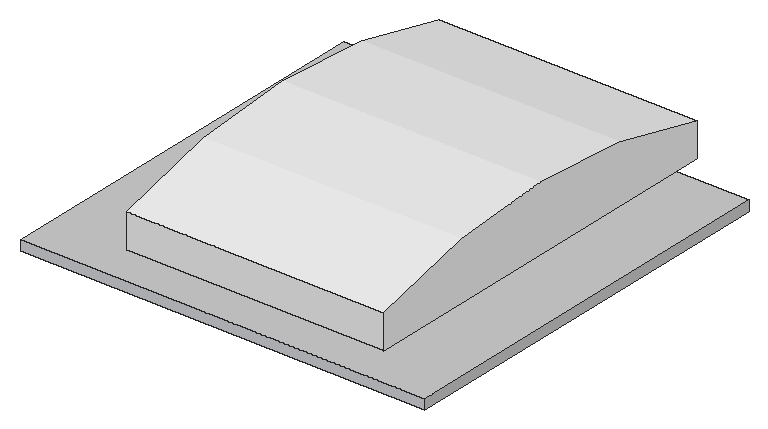
Revit family "PRESTO 1000 A Cromo Brillo", category Aparatos sanitarios, Revit 2015
Parameters (values of type "19500")
  URL = "http://www.prestoiberica.com/inodoro/temporizada-clasica/presto-1000?c=es"
  Teléfono = "(+34) 915 782 575"
  TIPO DE AGUA = ""
  REFERENCIA = "19500"
  Presión Máxima = ""
  PESO BRUTO = "1.550 Kg"
  Modelo = "PRESTO 1000 A"
  Material = Presto Ibérica: CROMO BRILLO
  Imagen de tipo = <Ninguno>
  Fabricante = "PRESTO IBÉRICA"
  Default Elevation = 1219.2 mm
  ENTRADA = "Macho 1\""
  Descripción = "Fluxor temporizado para encastrar con cuerpo de latón y caja de empotrar con protección antioxidante. Dispositivo antiSifónico incorporado. Pistón intercambiable."
  Código de montaje = "C1030220"
  Contacto = "info@prestoiberica.com"
  Conexión AF = yes
  Conexión AC = yes
  Comentarios de tipo = "◦Suministrado con arandela, tuerca racor de salida y junta americana para tubo de Ø 28 mm\r\n◦Dispositivo antiSifónico incorporado\r\n◦Presión dinámica mínima que necesita a la entrada el fluxor: 0,900 bar\r\n◦Pistón intercambiable que comprende todo el mecanismo del fluxor\r\n◦Apertura por pulsador\r\n◦Caja de empotrar y placa de fijación intermedia fabricadas con protección antioxidante\r\n◦Pulsador y tapa en ABS pintado o cromado\r\n◦Cuerpo del fluxor en latón niquelado con piezas interiores en materiales resistentes a la corrosión y a las incrustaciones calcáreas."
  CIERRE = "Automátiaco a los 7 seg"
  CAUDAL = "1.2 L/Min"
  Accionamiento = "Por pulsador"
Reference planes
  plane 1 "Centro (Frontal/Posterior)": y = 0
  plane 2: z = 0
  plane 3 "Centro (Izquierda/Derecha)": x = 0
Forms (mm)
  Extrusion 1, solid
    sketch origin (0, 0, 0) x (1, 0, 0) y (0, 1, 0)
      loop
        line (-100, 100) -> (-100, -100) -> (100, -100) -> (100, 100) -> (-100, 100)
    from 0 to -5
  Extrusion 2, solid, material "Presto Ibérica: CROMO BRILLO"
    sketch origin (5, 16.25, 0) x (0, 1, 0) y (0, 0, 1)
      loop
        line (-96.519, 0) -> (96.519, 0) -> (96.519, 16.848)
        arc (96.519, 16.848) -> (0, 32.487) -> (-96.519, 16.848) r 305.666
        line (-96.519, 16.848) -> (-96.519, 0)
    from -68.211 to 59.21
Dimensions and locks
  Extrusion 1 sketch curve to plane 1 "Centro (Frontal/Posterior)" = 100 mm
  aligned and locked: plane 2 to Extrusion 1
  aligned and locked: level to Extrusion 1
Connectors
  piping at (86.3, -0.25, -44.537), diameter 25.4
    settings: on import instance, index 1, connector inside diameter 609.6 mm, connector length 0 mm, flow factor 0, pipe flow 0.0 L/s, pressure drop 0.0 Pa, fitting loss kfactor 0, connector angle 0.00°, fixture units 0, engagement length 0 mm, angle of deflection 0.00°, flow configuration 0, flow direction 1, fitting loss method 0, system type 20, joint type 0, gender type 0, connector reference index -1, connector utility 0, adjustable connector no, is connector primary yes, connector description ""
